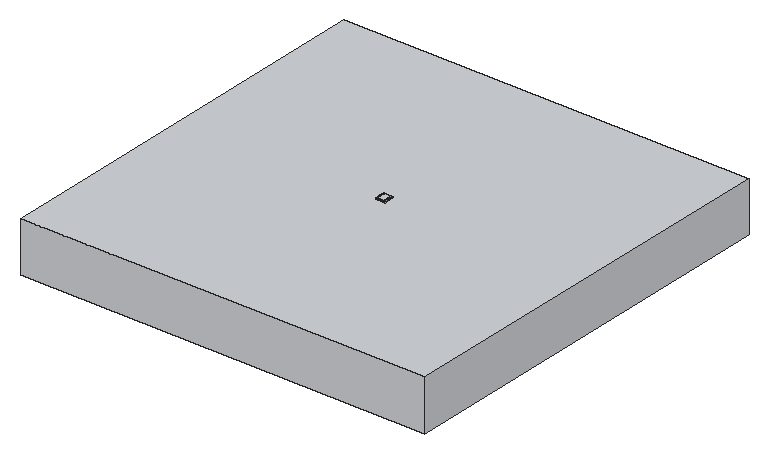
Revit family "Gira_511300", category Allgemeines Modell, Revit 2017
Family settings
  Basisbauteil = Fläche
  Kann Basisbauteil für Bewehrung sein = Nein
  Bemaßung runder Anschluss = Durchmesser verwenden
  Teiletyp = Normal
  Beim Laden mit Abzugskörper schneiden = Nein
  Gemeinsam genutzt = Nein
  Raumberechnungspunkt = Nein
Parameters
  Werkstoffgüte = "sonstige"
  Werkstoff = "sonstige"
  Default Elevation = 1219.2 mm
  URL = "https://www.gira.de/"
  Typname = "KNX Tastsens.3 Basis 3f System 55, Gira E22"
  Transparent = no
  Schutzart (IP) = "IP20"
  Produktseite = "http://katalog.gira.de/de_DE/datenblatt.html?artikelnr=511300"
  Oberfläche = "sonstige"
  Montageart = "Unterputz"
  Mit Raumthermostat = no
  Mit LED-Anzeige = yes
  Mit Infrarotsensor = no
  Mit Display = no
  Mit Diebstahl-/Demontageschutz = yes
  Mit Busankopplung = no
  Mit Beschriftungsfeld = no
  Hersteller = "Gira"
  HAN = "511300"
  GTIN = "4010337086826"
  Farbe = "sonstige"
  Datenblatt = "https://katalog.gira.de/de_DE/download.html?artikelnr=511300"
  Bussystem Powernet = no
  Bussystem LON = no
  Bussystem KNX-Funk = no
  Bussystem KNX = yes
  Bussystem Funkbus = no
  Beschreibung = "KNX Tastsensor 3 Basis 3fach System 55, Gira E22 Inbetriebnahme-Wippe Merkmale: - Montage auf Busankoppler 3. - Demontageschutz durch Verschraubung. - Wippenfunktion: Schalten, Dimmen, Jalousie, Wertgeber 1 Byte und Szenennebenstelle. - Weiße Betriebs-LED. - Zwei rote Status-LEDs je Bedienfläche. - Beschriftungsfeldbeleuchtung bei Wippensets mit Beschriftungsfeld. - Funktion der Beschriftungsfeldbeleuchtung und der Status-LED parametrierbar.  Hinweise : - Professionelle Beschriftung über den Gira Beschriftungsservice www.beschriftung.gira.de. - Der Tastsensor wird mit einer programmneutralen Inbetriebnahme-Wippe geliefert. Das passende Wippenset zum Schalterprogramm ist separat zu bestellen."
  BIM = "https://media.stage.bim.site/public/gira/ce1eeae/SYS55_Tastsensor.rfa"
  Ausführung der Oberfläche = "nicht zutreffend"
  Anzahl der Tasten = 3
  Anzahl der Betätigungspunkte = 6
  Andere Bussysteme = "ohne"
Reference planes
  plane 1 "Center (Front/Back)": y = 0
  plane 2: z = 0
  plane 3 "Center (Left/Right)": x = 0
Forms (mm)
  Extrusion 1, solid
    sketch origin (0, 0, 0) x (1, 0, 0) y (0, 1, 0)
      loop
        line (-1219.2, 1219.2) -> (-1219.2, -1219.2) -> (1219.2, -1219.2) -> (1219.2, 1219.2) -> (-1219.2, 1219.2)
    from 0 to -304.8
  Extrusion 2, solid, detail levels fine
    sketch origin (0, 0, 0) x (1, 0, 0) y (0, 1, 0)
      loop
        line (-6.6, -21.3) -> (-6.6, -16) -> (6.6, -16) -> (6.6, -21.3) -> (7.4, -21.3) -> (7.4, -15.2) -> (-7.4, -15.2) -> (-7.4, -21.3) -> (-6.6, -21.3)
    from -9.5 to -1.5
  Extrusion 3, solid, detail levels fine
    sketch origin (0, 0, 0) x (1, 0, 0) y (0, 1, 0)
      loop
        circle (-5.08, -17.5) r 0.5
      loop
        circle (-2.54, -17.48) r 0.5
      loop
        circle (0, -17.5) r 0.5
      loop
        circle (2.54, -17.48) r 0.5
      loop
        circle (5.08, -17.5) r 0.5
      loop
        circle (5.08, -20.04) r 0.5
      loop
        circle (2.54, -20.02) r 0.5
      loop
        circle (0, -20.04) r 0.5
      loop
        circle (-2.54, -20.02) r 0.5
      loop
        circle (-5.08, -20.04) r 0.5
    from -8.48 to -1.5
  Extrusion 4, solid, detail levels fine
    sketch origin (0, 0, 0) x (1, 0, 0) y (0, 1, 0)
      loop
        arc (-23.95, -19.15) -> (-22.544, -22.544) -> (-19.15, -23.95) r 4.8
        line (-19.15, -23.95) -> (19.15, -23.95)
        arc (19.15, -23.95) -> (22.544, -22.544) -> (23.95, -19.15) r 4.8
        line (23.95, -19.15) -> (23.95, 19.15)
        arc (23.95, 19.15) -> (22.544, 22.544) -> (19.15, 23.95) r 4.8
        line (19.15, 23.95) -> (-19.15, 23.95)
        arc (-19.15, 23.95) -> (-22.544, 22.544) -> (-23.95, 19.15) r 4.8
        line (-23.95, 19.15) -> (-23.95, -19.15)
    from -1.5 to 0.5
  Extrusion 5, solid, detail levels fine
    sketch origin (0, 0, 0) x (1, 0, 0) y (0, 1, 0)
      loop
        line (27.6, -27.7) -> (27.6, -26.6) -> (26.1, -26.6) -> (26.1, -10.4) -> (27.45, -10.4) -> (27.45, -8.1) -> (26.1, -8.1) -> (26.1, 8.1) -> (27.45, 8.1) -> (27.45, 10.4) -> (26.1, 10.4) -> (26.1, 26.6) -> (27.6, 26.6) -> (27.6, 27.7) -> (-27.6, 27.7) -> (-27.6, 26.6) -> (-26.1, 26.6) -> (-26.1, 10.4) -> (-27.45, 10.4) -> (-27.45, 8.1) -> (-26.1, 8.1) -> (-26.1, -8.1) -> (-27.45, -8.1) -> (-27.45, -10.4) -> (-26.1, -10.4) -> (-26.1, -26.6) -> (-27.6, -26.6) -> (-27.6, -27.7) -> (27.6, -27.7)
    from 0 to 5.44
  Extrusion 6, solid, detail levels fine
    sketch origin (0, 0, 0) x (0, 1, 0) y (0, 0, 1)
      loop
        arc (15.5, 5.92) -> (15.146, 5.774) -> (15, 5.42) r 0.5
        line (15, 5.42) -> (15, 3.62)
        arc (15, 3.62) -> (15.146, 3.267) -> (15.5, 3.12) r 0.5
        line (15.5, 3.12) -> (21.5, 3.12)
        arc (21.5, 3.12) -> (21.854, 3.267) -> (22, 3.62) r 0.5
        line (22, 3.62) -> (22, 5.42)
        arc (22, 5.42) -> (21.854, 5.774) -> (21.5, 5.92) r 0.5
        line (21.5, 5.92) -> (15.5, 5.92)
      loop
        line (11.4, 1.3) -> (25.6, 1.3)
        arc (25.6, 1.3) -> (25.954, 1.446) -> (26.1, 1.8) r 0.5
        line (26.1, 1.8) -> (26.1, 5.7) -> (27.65, 5.7) -> (27.635, 7.4) -> (-27.635, 7.4) -> (-27.65, 5.7) -> (-26.1, 5.7) -> (-26.1, 1.8)
        arc (-26.1, 1.8) -> (-25.954, 1.446) -> (-25.6, 1.3) r 0.5
        line (-25.6, 1.3) -> (-11.4, 1.3)
        arc (-11.4, 1.3) -> (-11.046, 1.446) -> (-10.9, 1.8) r 0.5
        line (-10.9, 1.8) -> (-10.9, 5.7) -> (-8.05, 5.7) -> (-8.05, 1.8)
        arc (-8.05, 1.8) -> (-7.904, 1.446) -> (-7.55, 1.3) r 0.5
        line (-7.55, 1.3) -> (7.55, 1.3)
        arc (7.55, 1.3) -> (7.904, 1.446) -> (8.05, 1.8) r 0.5
        line (8.05, 1.8) -> (8.05, 5.7) -> (10.9, 5.7) -> (10.9, 1.8)
        arc (10.9, 1.8) -> (11.046, 1.446) -> (11.4, 1.3) r 0.5
      loop
        line (3, 5.92) -> (-3, 5.92)
        arc (-3, 5.92) -> (-3.354, 5.774) -> (-3.5, 5.42) r 0.5
        line (-3.5, 5.42) -> (-3.5, 3.62)
        arc (-3.5, 3.62) -> (-3.354, 3.267) -> (-3, 3.12) r 0.5
        line (-3, 3.12) -> (3, 3.12)
        arc (3, 3.12) -> (3.354, 3.267) -> (3.5, 3.62) r 0.5
        line (3.5, 3.62) -> (3.5, 5.42)
        arc (3.5, 5.42) -> (3.354, 5.774) -> (3, 5.92) r 0.5
      loop
        arc (-15.5, 3.12) -> (-15.146, 3.267) -> (-15, 3.62) r 0.5
        line (-15, 3.62) -> (-15, 5.42)
        arc (-15, 5.42) -> (-15.146, 5.774) -> (-15.5, 5.92) r 0.5
        line (-15.5, 5.92) -> (-21.5, 5.92)
        arc (-21.5, 5.92) -> (-21.854, 5.774) -> (-22, 5.42) r 0.5
        line (-22, 5.42) -> (-22, 3.62)
        arc (-22, 3.62) -> (-21.854, 3.267) -> (-21.5, 3.12) r 0.5
        line (-21.5, 3.12) -> (-15.5, 3.12)
    from -27.45 to -25
  Extrusion 7, solid, detail levels fine
    sketch origin (0, 0, 0) x (0, 1, 0) y (0, 0, -1)
      loop
        line (15.5, -5.92) -> (21.5, -5.92)
        arc (21.5, -5.92) -> (21.854, -5.774) -> (22, -5.42) r 0.5
        line (22, -5.42) -> (22, -3.62)
        arc (22, -3.62) -> (21.854, -3.267) -> (21.5, -3.12) r 0.5
        line (21.5, -3.12) -> (15.5, -3.12)
        arc (15.5, -3.12) -> (15.146, -3.267) -> (15, -3.62) r 0.5
        line (15, -3.62) -> (15, -5.42)
        arc (15, -5.42) -> (15.146, -5.774) -> (15.5, -5.92) r 0.5
      loop
        arc (11.4, -1.3) -> (11.046, -1.446) -> (10.9, -1.8) r 0.5
        line (10.9, -1.8) -> (10.9, -5.7) -> (8.05, -5.7) -> (8.05, -1.8)
        arc (8.05, -1.8) -> (7.904, -1.446) -> (7.55, -1.3) r 0.5
        line (7.55, -1.3) -> (-7.55, -1.3)
        arc (-7.55, -1.3) -> (-7.904, -1.446) -> (-8.05, -1.8) r 0.5
        line (-8.05, -1.8) -> (-8.05, -5.7) -> (-10.9, -5.7) -> (-10.9, -1.8)
        arc (-10.9, -1.8) -> (-11.046, -1.446) -> (-11.4, -1.3) r 0.5
        line (-11.4, -1.3) -> (-25.6, -1.3)
        arc (-25.6, -1.3) -> (-25.954, -1.446) -> (-26.1, -1.8) r 0.5
        line (-26.1, -1.8) -> (-26.1, -5.7) -> (-27.65, -5.7) -> (-27.635, -7.4) -> (27.635, -7.4) -> (27.65, -5.7) -> (26.1, -5.7) -> (26.1, -1.8)
        arc (26.1, -1.8) -> (25.954, -1.446) -> (25.6, -1.3) r 0.5
        line (25.6, -1.3) -> (11.4, -1.3)
      loop
        arc (3, -5.92) -> (3.354, -5.774) -> (3.5, -5.42) r 0.5
        line (3.5, -5.42) -> (3.5, -3.62)
        arc (3.5, -3.62) -> (3.354, -3.267) -> (3, -3.12) r 0.5
        line (3, -3.12) -> (-3, -3.12)
        arc (-3, -3.12) -> (-3.354, -3.267) -> (-3.5, -3.62) r 0.5
        line (-3.5, -3.62) -> (-3.5, -5.42)
        arc (-3.5, -5.42) -> (-3.354, -5.774) -> (-3, -5.92) r 0.5
        line (-3, -5.92) -> (3, -5.92)
      loop
        line (-15.5, -3.12) -> (-21.5, -3.12)
        arc (-21.5, -3.12) -> (-21.854, -3.267) -> (-22, -3.62) r 0.5
        line (-22, -3.62) -> (-22, -5.42)
        arc (-22, -5.42) -> (-21.854, -5.774) -> (-21.5, -5.92) r 0.5
        line (-21.5, -5.92) -> (-15.5, -5.92)
        arc (-15.5, -5.92) -> (-15.146, -5.774) -> (-15, -5.42) r 0.5
        line (-15, -5.42) -> (-15, -3.62)
        arc (-15, -3.62) -> (-15.146, -3.267) -> (-15.5, -3.12) r 0.5
    from -27.45 to -25
  Extrusion 8, solid, detail levels fine
    sketch origin (-82.195, -64.588, 0) x (1, 0, 0) y (0, 1, 0)
      loop
        line (54.545, 36.952) -> (109.845, 36.952) -> (109.845, 92.223) -> (54.545, 92.223) -> (54.545, 36.952)
    from 6.703 to 8.9
  Extrusion 9, solid, detail levels fine
    sketch origin (0, 0, 0) x (1, 0, 0) y (0, 1, 0)
      loop
        line (-19.2, 27) -> (-19.2, -27) -> (19.2, -27) -> (19.2, 27) -> (-19.2, 27)
    from 5.44 to 8
  Extrusion 10, solid, detail levels fine
    sketch origin (0, 0, 0) x (1, 0, 0) y (0, 1, 0)
      loop
        circle (-23.85, 0) r 1.269
      loop
        circle (23.85, 0) r 1.269
    from 6.703 to 9.6
  Extrusion 11, solid, detail levels medium
    sketch origin (0, 0, 0) x (1, 0, 0) y (0, 1, 0)
      loop
        line (27.65, 27.7) -> (-27.65, 27.7) -> (-27.65, -27.7) -> (27.65, -27.7) -> (27.65, 27.7)
    from 0 to 9.6
  Extrusion 12, solid, detail levels medium
    sketch origin (0, 0, 0) x (1, 0, 0) y (0, 1, 0)
      loop
        line (-23.95, -23.95) -> (23.95, -23.95) -> (23.95, 23.95) -> (-23.95, 23.95) -> (-23.95, -23.95)
    from -1.5 to 0.5
  Extrusion 13, solid, detail levels medium
    sketch origin (0, 0, 0) x (1, 0, 0) y (0, 1, 0)
      loop
        line (-7.4, -21.3) -> (7.4, -21.3) -> (7.4, -15.2) -> (-7.4, -15.2) -> (-7.4, -21.3)
    from -9.5 to -1.5
  Extrusion 14, solid, detail levels coarse
    sketch origin (0, 0, 0) x (1, 0, 0) y (0, 1, 0)
      loop
        line (27.65, 27.7) -> (-27.65, 27.7) -> (-27.65, -27.7) -> (27.65, -27.7) -> (27.65, 27.7)
    from -9.5 to 9.6
Dimensions and locks
  aligned and locked: plane 2 to Extrusion 1
  aligned and locked: level to Extrusion 1
Connectors
  electrical at (0, 0, -9.5)
    settings: on Extrusion 14, index 1, voltage 220 V, apparent load 0 VA, apparent load phase1 0 VA, apparent load phase2 0 VA, apparent load phase3 0 VA, power factor 1, load classification "Other", number of poles 1, system type 30, power factor state 1, is connector primary yes, connector utility no, sub classification motor no, connector description ""
